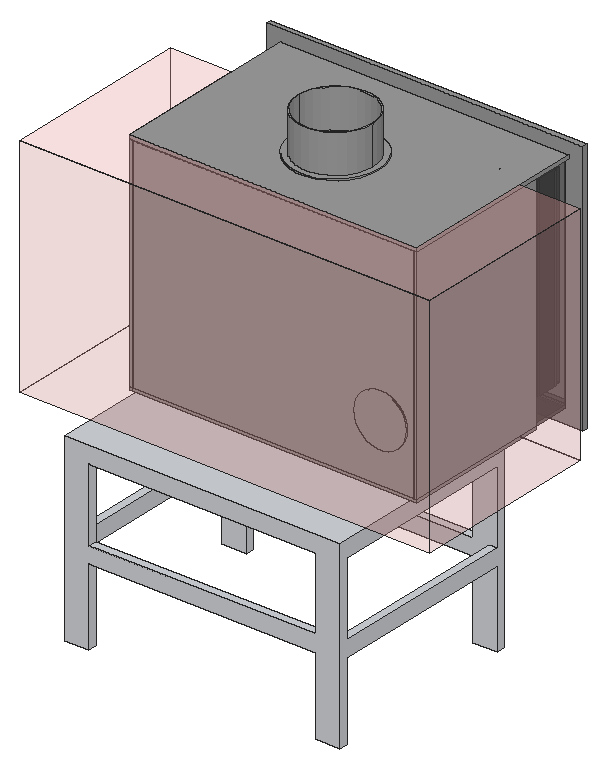
Revit family "FOGO MONTANHA-CLASSIC-E701-GLASS DOOR-R19-V00", category Mechanical Equipment, host Wall, Revit 2019
Family settings
  Host = Wall
  Round Connector Dimension = Use Diameter
  Part Type = Normal
  OmniClass Number = 23.19.17.00
  Always vertical = Yes
  Cut with Voids When Loaded = No
  Shared = No
  Room Calculation Point = No
Parameters (values of type "Glass Door-4 sided Grey Steel Frame 45mm")
  r_SmallDuct_Top = Diameter / 2  # 50 mm
  r_CentralDuct_Top = F / 2  # 90 mm
  r_Duct_back = 65 mm
  Frame Type = FOGO MONTANHA-CLASSIC-4L FRAME : E701-45mm-Grey Steel
  Door_Glass_Offset = 70 mm
  V = 211
  Support Table [instance] = yes
  Pu = 6.5
  Power = 9.3 kW
  Pn = 9.3
  P = 9.3
  Glass = Fogo Montanha-Glass
  Electrical Power = 32 W
  Electric tension = 230 V
  Efficiency at nominal power = "0.07"
  Diameter = 100 mm
  Dark Glass = Fogo Montanha-Dark Glass
  URL = "https://welcome.fogo-montanha.com/pesquisar/PA2019P024"
  Door_Position = 5 mm  # constant formula
  Door = Fogo Montanha-Dark Glass
  Offset_Door-Frame = 26.7 mm
  GlassDoor = yes
  Model = "Classic-E701"  # constant formula
  Manufacturer URL = "www.fogo-montanha.com"
  Manufacturer = "Fogo Montanha"  # constant formula
  Height from Level [instance] = 450 mm
  Version = "v00"  # constant formula
  Uniformat II Description = "Heat Generating Systems"  # constant formula
  Uniformat II Code = "D3020"  # constant formula
  Uniclass 2015 Name = "Space heaters"  # constant formula
  Uniclass 2015 Code = "TE_70_10_20_80"  # constant formula
  Uniclass 2.0 Description = "Space Heating And Cooling Products"  # constant formula
  Uniclass 2.0 Code = "PR-70-60-36-74"  # constant formula
  Uniclass 1.4 Description = "Fireplaces"  # constant formula
  Uniclass 1.4 Code = "L828"  # constant formula
  UNSPSC Description = "Space Heaters"  # constant formula
  UNSPSC Code = "40101819"  # constant formula
  Reference = "PA2019P024"
  Publication date = "08/2022"  # constant formula
  Number of Poles = 1
  NBS Reference Description = "Room Heaters"  # constant formula
  NBS Reference Code = "60-36-74"  # constant formula
  Masterformat 2014 Description = "Fireplaces and Stoves"  # constant formula
  Masterformat 2014 Code = "10 30 00"  # constant formula
  K = B + 13 mm  # 559 mm
  J = A + 17 mm  # 707 mm
  IfcExportType = "IfcSpaceHeaterType"  # constant formula
  IfcExportAs = "IfcSpaceHeater"  # constant formula
  G = 275 mm
  F = 180 mm
  Offset_Duct_Back = 90 mm
  Clearance Zone Visible [instance] = yes
  Clearance Zone = 150 mm
  Cl = 2.8
  CO2 = 9.3
  CO 13% O2 = 0.07
  Aux_Duct_Top = 120 mm
  Det_Door = if(GlassDoor, -1 mm, 15 mm)  # -1 mm
  Description = "Inseríveis a lenha com ventilação tangencial incluída de série, disponíveis em preto, cinza ou porta em vidro. Incluem porta com sistema de fecho automático, ar externo canalizável através de um kit opcional, dupla combustão e câmara estanque. Possibilidade de regulação da ventilação através de um controlador GLA que, com a inclusão de um Damper, permitirá também o controlo do ar de combustão. Kit wi-fi opcional para gestão do controlador GLA à distância através de smartphone."  # constant formula
  D = 465 mm
  Body = Fogo Montanha-Steel
  Base_Offset [instance] = if(and(Height from Level < 300 mm, Support Table), 300 mm, if(and(Height from Level > 545 mm, Support Table), 545 mm, Height from Level))  # 450 mm
  E = B  # 546 mm
  C = A  # 690 mm
  BIM Modeler URL = "www.stratbim.com"
  BIM Modeler = "StratBIM"
  B = 546 mm
  Assembly Code = "D3020"
  A = 690 mm
Types (10, lengths in mm): name | Frame Type
  Glass Door-4 sided Grey Steel Frame 45mm | FOGO MONTANHA-CLASSIC-4L FRAME : E701-45mm-Grey Steel
  Glass Door-4 sided Grey Steel Frame 20mm | FOGO MONTANHA-CLASSIC-4L FRAME : E701-20mm-Grey Steel
  Glass Door-4 sided Black Steel Frame 45mm | FOGO MONTANHA-CLASSIC-4L FRAME : E701-45mm-Black Steel
  Glass Door-4 sided Black Steel Frame 20mm | FOGO MONTANHA-CLASSIC-4L FRAME : E701-20mm-Black Steel
  Glass Door-3 sided Grey Steel Frame 45mm | FOGO MONTANHA-CLASSIC-3L FRAME : E701-45mm-Grey Steel
  Glass Door-3 sided Grey Steel Frame 20mm | FOGO MONTANHA-CLASSIC-3L FRAME : E701-20mm-Grey Steel
  Glass Door-3 sided Black Steel Frame 45mm | FOGO MONTANHA-CLASSIC-3L FRAME : E701-45mm-Black Steel
  Glass Door-3 sided Black Steel Frame 20mm | FOGO MONTANHA-CLASSIC-3L FRAME : E701-20mm-Black Steel
  Glass Door-3 sided Glass Frame 50mm | FOGO MONTANHA-CLASSIC-3L FRAME : E701-50mm-Glass
  Glass Door-4 sided Glass Frame 50mm | FOGO MONTANHA-CLASSIC-4L FRAME : E701-50mm-Glass
Reference planes
  plane 1 "Wall": y = 0
  plane 2 "Center (Left/Right)": x = 0
  plane 3 "Front": y = 75
  plane 4 "2": x = 345
  plane 5 "3": x = -345
  plane 6 "4": x = -345
  plane 7 "5": x = 345
  plane 8 "6": x = -353.5
  plane 9 "7": x = 353.5
  plane 10 "K'": z = 1009
  plane 11 "K": z = 450
  plane 12: y = -200
  plane 13: y = -390
  plane 14 "8": x = -50
  plane 15 "9": x = 50
  plane 16 "10": x = 263.5
  plane 17: z = 729.5
  plane 18 "B'": z = 1002.5
  plane 19 "B": z = 456.5
  plane 20 "E'": z = 1002.5
  plane 21 "E": z = 456.5
  plane 22 "L": z = 601
  plane 23: y = -46
  plane 24 "M": x = -233.5
  plane 25 "M'": x = 233.5
  plane 26: z = 997
  plane 27: z = 466.5
  plane 28 "S": x = -348.5
  plane 29 "T": x = 348.5
  plane 30 "U": x = 321.8
  plane 31 "V": x = -321.8
  plane 32: z = 970.3
  plane 33: z = 493.2
  plane 34: z = 628.2
  plane 35: z = 900.3
  plane 36 "W": x = 251.8
  plane 37 "X": x = -251.8
  plane 38: y = -340
  plane 39 "Y": x = 100
  plane 40 "AA": x = -100
  plane 41: y = 87
  plane 42: z = 558.2
  plane 43: z = 548.2
  plane 44 "BB": z = 1109
  plane 45 "Origin": z = 0
  plane 46: y = -25
Forms (mm)
  Extrusion 1, solid, material "Fogo Montanha-Steel" <- "Body", detail levels coarse
    sketch origin (0, 75, 0) x (1, 0, 0) y (0, 0, 1)
      loop
        line (353.5, 450) -> (353.5, 1002.5) -> (-353.5, 1002.5) -> (-353.5, 450) -> (353.5, 450)
    from 0 to 465
  Extrusion 2, solid, material "Fogo Montanha-Steel" <- "Body", detail levels medium+fine
    sketch origin (-353.5, 0, 0) x (0, 1, 0) y (0, 0, 1)
      loop
        line (-25, 456.5) -> (-25, 1002.5) -> (-200, 1002.5) -> (-390, 1002.5) -> (-390, 456.5) -> (-25, 456.5)
    from 0 to 8.5
  Extrusion 3, solid, material "Fogo Montanha-Steel" <- "Body", detail levels medium+fine
    sketch origin (353.5, 30, 0) x (0, 1, 0) y (0, 0, -1)
      loop
        line (-55, -456.5) -> (-420, -456.5) -> (-420, -1002.5) -> (-230, -1002.5) -> (-55, -1002.5) -> (-55, -456.5)
    from 0 to 8.5
  Extrusion 4, solid, material "Fogo Montanha-Steel" <- "Body", detail levels medium+fine
    sketch origin (1420, -390, 1200) x (1, 0, 0) y (0, 0, 1)
      loop
        line (-1075, -743.5) -> (-1075, -197.5) -> (-1765, -197.5) -> (-1765, -743.5) -> (-1075, -743.5)
    from 0 to -10
  Extrusion 5, solid, material "Fogo Montanha-Steel" <- "Body", detail levels medium+fine
    sketch origin (2348.699, 225, 1002.5) x (1, 0, 0) y (0, 1, 0)
      loop
        line (-2702.199, -150) -> (-2702.199, -615) -> (-1995.199, -615) -> (-1995.199, -150) -> (-2702.199, -150)
      loop
        circle (-2348.699, -425) r 90
    from 10 to 0
  Extrusion 6, solid, material "Fogo Montanha-Steel" <- "Body", detail levels medium+fine
    sketch origin (2348.699, 225, 456.5) x (1, 0, 0) y (0, 1, 0)
      loop
        line (-2702.199, -250) -> (-2702.199, -615) -> (-1995.199, -615) -> (-1995.199, -250) -> (-2702.199, -250)
    from -6.5 to 0
  Extrusion 7, solid, material "Fogo Montanha-Steel" <- "Body", detail levels medium+fine
    sketch origin (1420, -390, 1200) x (1, 0, 0) y (0, 0, 1)
      loop
        circle (-1156.5, -599) r 65
    from 0 to 1
  Sweep 8, solid, material "Fogo Montanha-Steel" <- "Body"
    path in 3D
      loop
        arc (-90, -200, 1009) -> (0, -290, 1009) -> (90, -200, 1009) r 90
        arc (90, -200, 1009) -> (0, -110, 1009) -> (-90, -200, 1009) r 90
    profile origin (0, -110, 1009) x (0, -1, 0) y (0, 0, 1)
      loop
        line (0, 3.5) -> (0, 100) -> (-2, 100) -> (-2, 6.467) -> (-17, 6.467) -> (-17, 3.5) -> (0, 3.5)
  Extrusion 9, solid, material "Fogo Montanha-Glass" <- "Glass", detail levels medium+fine
    sketch origin (0, 75, 0) x (1, 0, 0) y (0, 0, 1)
      loop
        line (251.8, 628.2) -> (251.8, 900.3) -> (-251.8, 900.3) -> (-251.8, 628.2) -> (251.8, 628.2)
    from 0 to -12
  Extrusion 10, solid, material "Fogo Montanha-Dark Glass" <- "Door", detail levels medium+fine
    sketch origin (0, 75, 0) x (1, 0, 0) y (0, 0, 1)
      loop
        line (321.8, 493.2) -> (321.8, 970.3) -> (-321.8, 970.3) -> (-321.8, 493.2) -> (321.8, 493.2)
      loop
        line (-251.8, 628.2) -> (251.8, 628.2) -> (251.8, 900.3) -> (-251.8, 900.3) -> (-251.8, 628.2)
    from 0 to -12
  Extrusion 11, solid, material "Fogo Montanha-Vermiculite", detail levels medium+fine
    sketch origin (-321.8, 0, 0) x (0, 1, 0) y (0, 0, 1)
      loop
        line (0, 493.2) -> (0, 900.3) -> (-200, 900.3) -> (-340, 729.5) -> (-340, 493.2) -> (0, 493.2)
    from 0 to 8.5
  Extrusion 12, solid, material "Fogo Montanha-Black Steel", detail levels medium+fine
    sketch origin (1420, -25, 1200) x (1, 0, 0) y (0, 0, 1)
      loop
        line (-1098.2, -229.7) -> (-1741.8, -229.7) -> (-1741.8, -706.8) -> (-1098.2, -706.8) -> (-1098.2, -229.7)
      loop
        line (-1071.5, -197.5) -> (-1768.5, -197.5) -> (-1768.5, -743.5) -> (-1071.5, -743.5) -> (-1071.5, -197.5)
    from 0 to 5
  Extrusion 13, solid, material "Fogo Montanha-Vermiculite", detail levels medium+fine
    sketch origin (321.8, 0, 0) x (0, 1, 0) y (0, 0, 1)
      loop
        line (0, 493.2) -> (0, 900.3) -> (-200, 900.3) -> (-340, 729.5) -> (-340, 493.2) -> (0, 493.2)
    from 0 to -8.5
  Extrusion 14, solid, material "Fogo Montanha-Vermiculite", detail levels medium+fine
    sketch origin (1420, -340, 1200) x (1, 0, 0) y (0, 0, 1)
      loop
        line (-1106.7, -706.8) -> (-1106.7, -470.5) -> (-1733.3, -470.5) -> (-1733.3, -706.8) -> (-1106.7, -706.8)
    from 0 to -8.5
  Extrusion 15, solid, material "Fogo Montanha-Vermiculite", detail levels medium+fine
    sketch origin (0, 0, 0) x (0, 1, 0) y (0, 0, 1)
      loop
        line (-200, 900.3) -> (-340, 729.5) -> (-329.009, 729.5) -> (-200, 886.892) -> (-200, 900.3)
    from -321.8 to 321.8
  Extrusion 16, solid, material "Fogo Montanha-Vermiculite", detail levels medium+fine
    sketch origin (2348.699, 225, 493.2) x (1, 0, 0) y (0, 1, 0)
      loop
        line (-2670.499, -225) -> (-2670.499, -565) -> (-2026.899, -565) -> (-2026.899, -225) -> (-2670.499, -225)
      loop
        line (-2248.699, -271) -> (-2448.699, -271) -> (-2448.699, -425) -> (-2248.699, -425) -> (-2248.699, -271)
    from 0 to 10
  Extrusion 17, solid, material "Fogo Montanha-Steel", detail levels medium+fine
    sketch origin (2348.699, 225, 493.2) x (1, 0, 0) y (0, 1, 0)
      loop
        line (-2248.699, -271) -> (-2448.699, -271) -> (-2448.699, -425) -> (-2248.699, -425) -> (-2248.699, -271)
      loop
        line (-2435.699, -300) -> (-2361.699, -300)
        arc (-2361.699, -300) -> (-2359.578, -299.121) -> (-2358.699, -297) r 3
        line (-2358.699, -297) -> (-2358.699, -284)
        arc (-2358.699, -284) -> (-2359.578, -281.879) -> (-2361.699, -281) r 3
        line (-2361.699, -281) -> (-2435.699, -281)
        arc (-2435.699, -281) -> (-2437.82, -281.879) -> (-2438.699, -284) r 3
        line (-2438.699, -284) -> (-2438.699, -297)
        arc (-2438.699, -297) -> (-2437.82, -299.121) -> (-2435.699, -300) r 3
      loop
        arc (-2261.699, -300) -> (-2259.578, -299.121) -> (-2258.699, -297) r 3
        line (-2258.699, -297) -> (-2258.699, -284)
        arc (-2258.699, -284) -> (-2259.578, -281.879) -> (-2261.699, -281) r 3
        line (-2261.699, -281) -> (-2335.699, -281)
        arc (-2335.699, -281) -> (-2337.82, -281.879) -> (-2338.699, -284) r 3
        line (-2338.699, -284) -> (-2338.699, -297)
        arc (-2338.699, -297) -> (-2337.82, -299.121) -> (-2335.699, -300) r 3
        line (-2335.699, -300) -> (-2261.699, -300)
      loop
        line (-2435.699, -329) -> (-2361.699, -329)
        arc (-2361.699, -329) -> (-2359.578, -328.121) -> (-2358.699, -326) r 3
        line (-2358.699, -326) -> (-2358.699, -313)
        arc (-2358.699, -313) -> (-2359.578, -310.879) -> (-2361.699, -310) r 3
        line (-2361.699, -310) -> (-2435.699, -310)
        arc (-2435.699, -310) -> (-2437.82, -310.879) -> (-2438.699, -313) r 3
        line (-2438.699, -313) -> (-2438.699, -326)
        arc (-2438.699, -326) -> (-2437.82, -328.121) -> (-2435.699, -329) r 3
      loop
        arc (-2261.699, -329) -> (-2259.578, -328.121) -> (-2258.699, -326) r 3
        line (-2258.699, -326) -> (-2258.699, -313)
        arc (-2258.699, -313) -> (-2259.578, -310.879) -> (-2261.699, -310) r 3
        line (-2261.699, -310) -> (-2335.699, -310)
        arc (-2335.699, -310) -> (-2337.82, -310.879) -> (-2338.699, -313) r 3
        line (-2338.699, -313) -> (-2338.699, -326)
        arc (-2338.699, -326) -> (-2337.82, -328.121) -> (-2335.699, -329) r 3
        line (-2335.699, -329) -> (-2261.699, -329)
      loop
        line (-2435.699, -358) -> (-2361.699, -358)
        arc (-2361.699, -358) -> (-2359.578, -357.121) -> (-2358.699, -355) r 3
        line (-2358.699, -355) -> (-2358.699, -342)
        arc (-2358.699, -342) -> (-2359.578, -339.879) -> (-2361.699, -339) r 3
        line (-2361.699, -339) -> (-2435.699, -339)
        arc (-2435.699, -339) -> (-2437.82, -339.879) -> (-2438.699, -342) r 3
        line (-2438.699, -342) -> (-2438.699, -355)
        arc (-2438.699, -355) -> (-2437.82, -357.121) -> (-2435.699, -358) r 3
      loop
        arc (-2261.699, -358) -> (-2259.578, -357.121) -> (-2258.699, -355) r 3
        line (-2258.699, -355) -> (-2258.699, -342)
        arc (-2258.699, -342) -> (-2259.578, -339.879) -> (-2261.699, -339) r 3
        line (-2261.699, -339) -> (-2335.699, -339)
        arc (-2335.699, -339) -> (-2337.82, -339.879) -> (-2338.699, -342) r 3
        line (-2338.699, -342) -> (-2338.699, -355)
        arc (-2338.699, -355) -> (-2337.82, -357.121) -> (-2335.699, -358) r 3
        line (-2335.699, -358) -> (-2261.699, -358)
      loop
        line (-2435.699, -387) -> (-2361.699, -387)
        arc (-2361.699, -387) -> (-2359.578, -386.121) -> (-2358.699, -384) r 3
        line (-2358.699, -384) -> (-2358.699, -371)
        arc (-2358.699, -371) -> (-2359.578, -368.879) -> (-2361.699, -368) r 3
        line (-2361.699, -368) -> (-2435.699, -368)
        arc (-2435.699, -368) -> (-2437.82, -368.879) -> (-2438.699, -371) r 3
        line (-2438.699, -371) -> (-2438.699, -384)
        arc (-2438.699, -384) -> (-2437.82, -386.121) -> (-2435.699, -387) r 3
      loop
        arc (-2261.699, -387) -> (-2259.578, -386.121) -> (-2258.699, -384) r 3
        line (-2258.699, -384) -> (-2258.699, -371)
        arc (-2258.699, -371) -> (-2259.578, -368.879) -> (-2261.699, -368) r 3
        line (-2261.699, -368) -> (-2335.699, -368)
        arc (-2335.699, -368) -> (-2337.82, -368.879) -> (-2338.699, -371) r 3
        line (-2338.699, -371) -> (-2338.699, -384)
        arc (-2338.699, -384) -> (-2337.82, -386.121) -> (-2335.699, -387) r 3
        line (-2335.699, -387) -> (-2261.699, -387)
      loop
        line (-2435.699, -416) -> (-2361.699, -416)
        arc (-2361.699, -416) -> (-2359.578, -415.121) -> (-2358.699, -413) r 3
        line (-2358.699, -413) -> (-2358.699, -400)
        arc (-2358.699, -400) -> (-2359.578, -397.879) -> (-2361.699, -397) r 3
        line (-2361.699, -397) -> (-2435.699, -397)
        arc (-2435.699, -397) -> (-2437.82, -397.879) -> (-2438.699, -400) r 3
        line (-2438.699, -400) -> (-2438.699, -413)
        arc (-2438.699, -413) -> (-2437.82, -415.121) -> (-2435.699, -416) r 3
      loop
        arc (-2261.699, -416) -> (-2259.578, -415.121) -> (-2258.699, -413) r 3
        line (-2258.699, -413) -> (-2258.699, -400)
        arc (-2258.699, -400) -> (-2259.578, -397.879) -> (-2261.699, -397) r 3
        line (-2261.699, -397) -> (-2335.699, -397)
        arc (-2335.699, -397) -> (-2337.82, -397.879) -> (-2338.699, -400) r 3
        line (-2338.699, -400) -> (-2338.699, -413)
        arc (-2338.699, -413) -> (-2337.82, -415.121) -> (-2335.699, -416) r 3
        line (-2335.699, -416) -> (-2261.699, -416)
    from 0 to 10
  Extrusion 18, void
    sketch origin (0, 87, 0) x (1, 0, 0) y (0, 0, 1)
      loop
        line (321.8, 548.2) -> (321.8, 558.2) -> (-321.8, 558.2) -> (-321.8, 548.2) -> (321.8, 548.2)
    from 0 to -1 <- "Det_Door"
  Extrusion 19, solid, material "Fogo Montanha-Black Steel", detail levels medium+fine
    sketch origin (0, 75, 0) x (1, 0, 0) y (0, 0, 1)
      loop
        line (321.8, 493.2) -> (321.8, 970.3) -> (-321.8, 970.3) -> (-321.8, 493.2) -> (321.8, 493.2)
      loop
        line (319.8, 968.3) -> (-319.8, 968.3) -> (-319.8, 495.2) -> (319.8, 495.2) -> (319.8, 968.3)
    from 0 to 100
  Extrusion 20, solid, material "Fogo Montanha-Dark Glass", detail levels medium+fine
    sketch origin (0, 75, 0) x (1, 0, 0) y (0, 0, 1)
      loop
        line (347, 450) -> (347, 1004.5) -> (-347, 1004.5) -> (-347, 450) -> (347, 450)
      loop
        line (345, 456.5) -> (345, 1002.5) -> (-345, 1002.5) -> (-345, 456.5) -> (345, 456.5)
    from 0 to 100
  Extrusion 21, solid
    sketch origin (2348.699, 225, 1009) x (1, 0, 0) y (0, 1, 0)
      loop
        circle (-2115.199, -271) r 50
    from 0 to 1
  Extrusion 22, solid
    sketch origin (2348.699, 225, 1009) x (1, 0, 0) y (0, 1, 0)
      loop
        circle (-2582.199, -271) r 50
    from 0 to 1
  Extrusion 23, solid, material "Fogo Montanha-Steel" <- "Body", visible <- "GlassDoor", detail levels medium+fine
    sketch origin (0, 75, 0) x (1, 0, 0) y (0, 0, 1)
      loop
        line (321.8, 493.2) -> (321.8, 970.3) -> (-321.8, 970.3) -> (-321.8, 493.2) -> (321.8, 493.2)
      loop
        line (-251.8, 628.2) -> (251.8, 628.2) -> (251.8, 900.3) -> (-251.8, 900.3) -> (-251.8, 628.2)
    from 0 to 2
  Extrusion 24, solid, visible <- "Clearance Zone Visible"
    sketch origin (2348.699, 175, 0) x (1, 0, 0) y (0, 1, 0)
      loop
        line (-2852.199, -250) -> (-2852.199, -715) -> (-1845.199, -715) -> (-1845.199, -250) -> (-1995.199, -250) -> (-1995.199, -565) -> (-2702.199, -565) -> (-2702.199, -250) -> (-2852.199, -250)
    from 456.5 to 1012.5
  Extrusion 25, solid, material "Fogo Montanha-Black Steel", detail levels medium+fine
    sketch origin (0, 0, 0) x (1, 0, 0) y (0, 0, 1)
      loop
        line (321.8, 493.2) -> (321.8, 970.3) -> (-321.8, 970.3) -> (-321.8, 493.2) -> (321.8, 493.2)
      loop
        line (-251.8, 628.2) -> (251.8, 628.2) -> (251.8, 900.3) -> (-251.8, 900.3) -> (-251.8, 628.2)
    from -20 to -22
  Extrusion 26, solid, material "Fogo Montanha-Black Steel", detail levels medium+fine
    sketch origin (0, 75, 0) x (1, 0, 0) y (0, 0, 1)
      loop
        line (319.8, 601) -> (-319.8, 601) -> (-319.8, 599) -> (319.8, 599) -> (319.8, 601)
    from 2 to 53
  Extrusion 27, solid, material "Fogo Montanha-Steel" <- "Body"
    sketch origin (0, 50, 0) x (0, 1, 0) y (0, 0, 1)
      loop
        line (-96.937, 920.503) -> (-96.937, 935.3) -> (-300, 935.3) -> (-300, 909.847) -> (-250, 909.847) -> (-229.317, 897.906) -> (-101.741, 897.906) -> (-96.937, 920.503)
    from -150 to 150
Cuts and joins
  Extrusion 18 cuts Extrusion 10
  Extrusion 18 cuts Extrusion 12
  Extrusion 18 cuts Extrusion 11
  Extrusion 18 cuts Extrusion 13
  joined: Extrusion 11, Extrusion 13, Extrusion 14, Extrusion 15, Extrusion 16
Lines and regions (mm)
  Opening 1
    outline origin (-5000, -75, 0) x (1, 0, 0) y (0, 0, 1)
      loop
        line (4646.5, 450) -> (5353.5, 450) -> (5353.5, 1009) -> (4646.5, 1009) -> (4646.5, 450)
  reference lines
    curve 1: circle (0, -200, 1009) r 90 normal (0, 0, 1)
    curve 2: circle (263.5, 75, 601) r 65 normal (0, -1, 0)
    curve 4: circle (-233.5, -46, 1002.5) r 50 normal (0, 0, 1)
    curve 5: circle (233.5, -46, 1002.5) r 50 normal (0, 0, 1)
  sketch lines
    curve 3: circle (0, -200, 1009) r 90 normal (0, 0, 1)
Text (mm)
  text "Placement side" at (-1304.494, 278.82, 0), in view "Ref. Level"
  text "Placement side" at (0, 1334.055, 2976.191), in view "Left"
  text "Placement side" at (0, 439.194, 2944.362), in view "Right"
Dimensions and locks
  locked: plane 3 "Front" to host wall at 0
  "C": plane 4 "2" to plane 5 "3"
  equal spacing: plane 4 "2", plane 2 "Center (Left/Right)", plane 5 "3"
  equal spacing: plane 7 "5", plane 2 "Center (Left/Right)", plane 6 "4"
  "A": plane 7 "5" to plane 6 "4"
  equal spacing: plane 9 "7", plane 2 "Center (Left/Right)", plane 8 "6"
  "J": plane 8 "6" to plane 9 "7"
  "K": plane 11 "K" to plane 10 "K'"
  "Base_Offset": level to plane 11 "K"
  equal spacing: plane 14 "8", plane 2 "Center (Left/Right)", plane 15 "9"
  plane 14 "8" to plane 15 "9" = 100 mm
  equal spacing: plane 11 "K", plane 17, plane 10 "K'"
  equal spacing: plane 19 "B", plane 17, plane 18 "B'"
  "B": plane 19 "B" to plane 18 "B'"
  equal spacing: plane 21 "E", plane 17, plane 20 "E'"
  "E": plane 21 "E" to plane 20 "E'"
  "Offset_Duct_Back": plane 9 "7" to plane 16 "10"
  plane 11 "K" to plane 22 "L" = 151 mm
  "Aux_Duct_Top": plane 8 "6" to plane 24 "M"
  "Aux_Duct_Top": plane 25 "M'" to plane 9 "7"
  "Offset_Door-Frame": plane 32 to plane 26
  "Offset_Door-Frame": plane 27 to plane 33
  "Offset_Door-Frame": plane 29 "T" to plane 30 "U"
  "Offset_Door-Frame": plane 31 "V" to plane 28 "S"
  "Door_Glass_Offset": plane 35 to plane 32
  "Door_Glass_Offset": plane 30 "U" to plane 36 "W"
  "Door_Glass_Offset": plane 37 "X" to plane 31 "V"
  locked: plane 13 to plane 38 at 50
  locked: plane 3 "Front" to plane 41 at 12
  "Door_Glass_Offset": plane 42 to plane 34
  locked: plane 43 to plane 42 at 10
  Extrusion 17 sketch curve to Extrusion 17 sketch curve to Extrusion 17 sketch curve to Extrusion 17 sketch curve to Extrusion 17 sketch curve to Extrusion 17 sketch curve = 10 mm locked, 80 mm locked, 20 mm locked, 80 mm locked, 10 mm locked
  Extrusion 17 sketch curve to Extrusion 17 sketch curve to Extrusion 17 sketch curve to Extrusion 17 sketch curve to Extrusion 17 sketch curve to Extrusion 17 sketch curve to Extrusion 17 sketch curve to Extrusion 17 sketch curve to Extrusion 17 sketch curve to Extrusion 17 sketch curve to Extrusion 17 sketch curve to Extrusion 17 sketch curve = 10 mm locked, 19 mm locked, 10 mm locked, 19 mm locked, 10 mm locked, 19 mm locked, 10 mm locked, 19 mm locked, 10 mm locked, 19 mm locked, 9 mm locked
  "Door_Position": plane 9 "7" to plane 29 "T"
  "Door_Position": plane 28 "S" to plane 8 "6"
  locked: plane 46 to plane 3 "Front" at 100
  locked: cut or joined group of Extrusion 10, Extrusion 18 to Extrusion 19 sketch curve at 2
  locked: plane 26 to plane 20 "E'" at 5.5
  locked: plane 33 to plane 43 at 55
  locked: plane 21 "E" to plane 27 at 10
  "Clearance Zone": Extrusion 24 sketch curve to Extrusion 24 sketch curve  (x3)
  Extrusion 26 sketch curve to plane 22 "L" = 2 mm
  cut or joined group of Extrusion 10, Extrusion 18 to Extrusion 26 sketch curve = 2 mm
  Extrusion 26 sketch curve to plane 31 "V" = 2 mm
  locked: plane 10 "K'" to plane 44 "BB" at 100
  locked: plane 23 to plane 46 at 21
  locked: plane 12 to plane 23 at 154
  locked: plane 38 to plane 12 at 140
  locked: Extrusion 27 sketch curve to Extrusion 27 sketch curve at 127.577
  locked: plane 46 to plane 1 "Wall" at 25
  "r_CentralDuct_Top": radius of curve 1
  "r_Duct_back": radius of curve 2
  "r_SmallDuct_Top": radius of curve 5
  "r_SmallDuct_Top": radius of curve 4
  aligned and locked: plane 8 "6" to Opening 1 sketch curve
  aligned and locked: Opening 1 sketch curve to plane 9 "7"
  aligned and locked: plane 10 "K'" to Opening 1 sketch curve
  aligned and locked: plane 11 "K" to Opening 1 sketch curve
  aligned and locked: plane 8 "6" to Extrusion 1 sketch curve
  aligned and locked: Extrusion 1 sketch curve to plane 9 "7"
  aligned and locked: plane 18 "B'" to Extrusion 1 sketch curve
  aligned and locked: plane 13 to Extrusion 1
  aligned and locked: plane 19 "B" to Extrusion 2 sketch curve
  aligned and locked: plane 18 "B'" to Extrusion 2 sketch curve
  aligned and locked: plane 13 to Extrusion 2 sketch curve
  aligned and locked: Extrusion 3 sketch curve to plane 18 "B'"
  aligned and locked: Extrusion 3 sketch curve to plane 13
  aligned and locked: Extrusion 3 sketch curve to plane 19 "B"
  aligned and locked: plane 4 "2" to Extrusion 4 sketch curve
  aligned and locked: plane 5 "3" to Extrusion 4 sketch curve
  aligned and locked: plane 21 "E" to Extrusion 4 sketch curve
  aligned and locked: plane 20 "E'" to Extrusion 4 sketch curve
  aligned and locked: plane 5 "3" to Extrusion 2
  aligned and locked: Extrusion 3 to plane 4 "2"
  aligned and locked: Extrusion 5 sketch curve to plane 8 "6"
  aligned and locked: plane 9 "7" to Extrusion 5 sketch curve
  aligned and locked: Extrusion 5 sketch curve to plane 13
  aligned and locked: Extrusion 5 sketch curve to curve 1
  aligned and locked: plane 9 "7" to Extrusion 6 sketch curve
  aligned and locked: Extrusion 6 sketch curve to plane 8 "6"
  aligned and locked: Extrusion 6 sketch curve to plane 13
  aligned and locked: Extrusion 7 sketch curve to curve 2
  aligned and locked: plane 24 "M" to curve 4
  aligned and locked: plane 23 to curve 4
  aligned and locked: plane 23 to curve 5
  aligned and locked: plane 25 "M'" to curve 5
  aligned and locked: plane 34 to Extrusion 9 sketch curve
  aligned and locked: Extrusion 9 sketch curve to plane 36 "W"
  aligned and locked: Extrusion 9 sketch curve to plane 35
  aligned and locked: plane 37 "X" to Extrusion 9 sketch curve
  aligned and locked: plane 33 to Extrusion 10 sketch curve
  aligned and locked: Extrusion 10 sketch curve to plane 30 "U"
  aligned and locked: Extrusion 10 sketch curve to plane 32
  aligned and locked: plane 31 "V" to Extrusion 10 sketch curve
  aligned and locked: Extrusion 10 sketch curve to Extrusion 9  (x4)
  aligned and locked: Extrusion 11 to plane 33
  aligned and locked: plane 32 to Extrusion 12 sketch curve
  aligned and locked: plane 33 to Extrusion 12 sketch curve
  aligned and locked: plane 30 "U" to Extrusion 12 sketch curve
  aligned and locked: plane 31 "V" to Extrusion 12 sketch curve
  aligned and locked: plane 28 "S" to Extrusion 12 sketch curve
  aligned and locked: Extrusion 12 sketch curve to plane 29 "T"
  aligned and locked: plane 35 to Extrusion 11 sketch curve
  aligned and locked: plane 12 to Extrusion 11 sketch curve
  aligned and locked: Extrusion 14 to Extrusion 11
  aligned and locked: Extrusion 14 to Extrusion 13
  aligned and locked: Extrusion 13 sketch curve to Extrusion 14
  aligned and locked: Extrusion 11 sketch curve to plane 38
  aligned and locked: plane 17 to Extrusion 14
  aligned and locked: plane 17 to Extrusion 11 sketch curve
  aligned and locked: plane 17 to Extrusion 13 sketch curve
  aligned and locked: Extrusion 15 sketch curve to Extrusion 11
  aligned and locked: plane 17 to Extrusion 15 sketch curve
  aligned and locked: plane 12 to Extrusion 15 sketch curve
  aligned and locked: plane 30 "U" to Extrusion 15
  aligned and locked: Extrusion 15 to plane 31 "V"
  aligned and locked: Extrusion 11 to Extrusion 14
  aligned and locked: Extrusion 16 sketch curve to plane 31 "V"
  aligned and locked: Extrusion 16 sketch curve to plane 38
  aligned and locked: Extrusion 16 sketch curve to plane 30 "U"
  aligned and locked: plane 12 to Extrusion 16 sketch curve
  aligned and locked: Extrusion 16 sketch curve to plane 23
  aligned and locked: Extrusion 16 sketch curve to plane 40 "AA"
  aligned and locked: plane 39 "Y" to Extrusion 16 sketch curve
  aligned and locked: Extrusion 17 sketch curve to plane 39 "Y"
  aligned and locked: Extrusion 17 sketch curve to plane 23
  aligned and locked: Extrusion 17 to plane 33
  aligned and locked: Extrusion 16 to Extrusion 17
  aligned and locked: Extrusion 18 to plane 43
  aligned and locked: plane 42 to Extrusion 18
  aligned and locked: plane 30 "U" to Extrusion 18
  aligned and locked: Extrusion 18 to plane 31 "V"
  aligned and locked: Extrusion 17 sketch curve to Extrusion 17 sketch curve  (x26)
  aligned and locked: nested 1 to plane 2 "Center (Left/Right)"
  aligned and locked: plane 44 "BB" to Sweep 8 sketch curve
  aligned and locked: Extrusion 5 to Sweep 8 sketch curve
  aligned and locked: level to plane 45 "Origin"
  aligned and locked: Extrusion 13 sketch curve to plane 1 "Wall"
  aligned and locked: plane 46 to Extrusion 3 sketch curve
  aligned and locked: Extrusion 2 sketch curve to plane 46
  aligned and locked: Extrusion 9 to plane 41
  aligned and locked: plane 30 "U" to Extrusion 19 sketch curve
  aligned and locked: plane 32 to Extrusion 19 sketch curve
  aligned and locked: plane 31 "V" to Extrusion 19 sketch curve
  aligned and locked: plane 46 to Extrusion 19
  aligned and locked: Extrusion 20 sketch curve to plane 7 "5"
  aligned and locked: Extrusion 20 sketch curve to plane 20 "E'"
  aligned and locked: plane 6 "4" to Extrusion 20 sketch curve
  aligned and locked: plane 18 "B'" to Extrusion 12 sketch curve
  aligned and locked: Extrusion 21 sketch curve to curve 5
  aligned and locked: Extrusion 22 sketch curve to curve 4
  aligned and locked: Extrusion 6 to plane 11 "K"
  aligned and locked: nested 1 to plane 17
  aligned and locked: plane 11 "K" to Extrusion 20 sketch curve
  aligned and locked: Extrusion 24 sketch curve to host wall
  aligned and locked: host wall to Extrusion 24 sketch curve
  aligned and locked: plane 13 to Extrusion 24 sketch curve
  aligned and locked: Extrusion 24 to Extrusion 5
  aligned and locked: Extrusion 24 to plane 21 "E"
  aligned and locked: Extrusion 24 sketch curve to plane 8 "6"
  aligned and locked: plane 9 "7" to Extrusion 24 sketch curve
  aligned and locked: Extrusion 16 sketch curve to plane 1 "Wall"
  aligned and locked: Extrusion 26 to Extrusion 25
  aligned and locked: Extrusion 26 to Extrusion 23
  aligned and locked: Extrusion 1 sketch curve to plane 11 "K"
  aligned and locked: plane 19 "B" to Extrusion 20 sketch curve
  aligned and locked: Extrusion 6 sketch curve to Extrusion 3
  aligned and locked: Extrusion 12 sketch curve to plane 21 "E"
  aligned and locked: Extrusion 11 to plane 1 "Wall"
  aligned and locked: nested 2 to plane 2 "Center (Left/Right)"
  aligned and locked: nested 2 to host wall
Automatic sketch dimensions
  Extrusion 17 sketch curve to Extrusion 17 sketch curve = 3 mm  (x40)
  Sweep 8 sketch curve to profile plane = 0 mm
  profile plane to Sweep 8 sketch curve = 2 mm
  Sweep 8 sketch curve to Sweep 8 sketch curve = 15 mm
  Sweep 8 sketch curve to Sweep 8 sketch curve = 2.967 mm
  Extrusion 3 sketch curve to plane 12 = 0 mm
  Extrusion 2 sketch curve to plane 12 = 0 mm
  Extrusion 5 sketch curve to host wall = 0 mm
  Extrusion 11 sketch curve to plane 33 = 0 mm
  Extrusion 13 sketch curve to plane 12 = 0 mm
  Extrusion 13 sketch curve to plane 33 = 0 mm
  Extrusion 13 sketch curve to plane 35 = 0 mm
  Extrusion 14 sketch curve to plane 33 = 0 mm
  Extrusion 14 sketch curve to plane 17 = 0 mm
  plane 31 "V" to Extrusion 14 sketch curve = 8.5 mm
  Extrusion 14 sketch curve to plane 30 "U" = 8.5 mm
  Extrusion 15 sketch curve to plane 38 = 10.991 mm
  Extrusion 15 sketch curve to Extrusion 15 sketch curve = 13.408 mm
  Extrusion 18 sketch curve to Extrusion 10 = 0 mm
  Extrusion 10 to Extrusion 18 sketch curve = 0 mm
  Extrusion 10 to Extrusion 18 sketch curve = 55 mm
  Extrusion 18 sketch curve to Extrusion 18 sketch curve = 10 mm
  Extrusion 19 sketch curve to plane 33 = 0 mm
  plane 31 "V" to Extrusion 19 sketch curve = 2 mm
  Extrusion 19 sketch curve to plane 30 "U" = 2 mm
  Extrusion 19 sketch curve to plane 32 = 2 mm
  Extrusion 23 sketch curve to plane 31 "V" = 0 mm
  Extrusion 23 sketch curve to plane 35 = 0 mm
  Extrusion 23 sketch curve to plane 37 "X" = 0 mm
  Extrusion 23 sketch curve to plane 34 = 0 mm
  Extrusion 23 sketch curve to plane 36 "W" = 0 mm
  Extrusion 23 sketch curve to plane 30 "U" = 0 mm
  Extrusion 23 sketch curve to plane 33 = 0 mm
  Extrusion 23 sketch curve to plane 32 = 0 mm
  Extrusion 25 sketch curve to plane 31 "V" = 0 mm
  Extrusion 25 sketch curve to plane 35 = 0 mm
  Extrusion 25 sketch curve to plane 37 "X" = 0 mm
  Extrusion 25 sketch curve to plane 34 = 0 mm
  Extrusion 25 sketch curve to plane 36 "W" = 0 mm
  Extrusion 25 sketch curve to plane 30 "U" = 0 mm
  Extrusion 25 sketch curve to plane 33 = 0 mm
  Extrusion 25 sketch curve to plane 32 = 0 mm
  Extrusion 26 sketch curve to plane 22 "L" = 0 mm
  plane 28 "S" to Extrusion 20 sketch curve = 1.5 mm
  Extrusion 20 sketch curve to plane 29 "T" = 1.5 mm
  plane 18 "B'" to Extrusion 20 sketch curve = 2 mm
  host wall to Extrusion 11 sketch curve = 0 mm
  Extrusion 27 sketch curve to plane 12 = 0 mm
  plane 35 to Extrusion 27 sketch curve = 9.547 mm
  plane 12 to Extrusion 27 sketch curve = 50 mm
  Extrusion 27 sketch curve to plane 35 = 2.394 mm
  Extrusion 27 sketch curve to plane 12 = 20.683 mm
  plane 23 to Extrusion 27 sketch curve = 0.937 mm
  plane 35 to Extrusion 27 sketch curve = 20.203 mm
  Extrusion 27 sketch curve to Extrusion 27 sketch curve = 14.797 mm
  curve 2 to plane 16 "10" = 0 mm
  curve 2 to plane 22 "L" = 0 mm
  curve 4 to plane 24 "M" = 0 mm
  curve 1 to plane 2 "Center (Left/Right)" = 0 mm
  plane 12 to curve 1 = 0 mm
Nested families
  nested 1: "FOGO MONTANHA-CLASSIC-4L FRAME" at (0, 75, 729.5) x (-1, 0, 0) z (0, 1, 0), type <- "Frame Type", type "E701-45mm-Grey Steel"
    with Width 45 mm, A 687 mm
  nested 2: "FOGO MONTANHA-SUPPORT TABLE-R19-V00" at (0, -75, 0) x (-1, 0, 0) z (0, 0, 1), visible <- "Support Table", H <- "Base_Offset", type "PA1090G049"
    with H 450 mm
Connectors
  hvac at (0, -200, 1109), driven by "F"
    settings: on Sweep 8, index 1, duct flow 0.0 L/s, flow factor 0, pres drop 0.0 Pa, loss coef 0, conn angle 0.00°, conn width 304.8 mm, conn height 304.8 mm, conn diameter 180 mm, duct sys type 3, conn prof type 0, flow config 0, flow direction 2, loss method 0, conn ref index -1, conn util no, is conn primary yes, conn desc ""
  electrical at (-353.5, -206, 784.1), driven by "Number of Poles", driven by "Electric tension", driven by "Electrical Power"
    settings: on Extrusion 2, index 3, voltage 230 V, apparent load 32 VA, apparent load phase1 0 VA, apparent load phase2 0 VA, apparent load phase3 0 VA, power factor 1, load classification "Other", number of poles 1, system type 30, power factor state 1, is connector primary yes, connector utility no, sub classification motor no, connector description ""
  hvac at (263.5, -390, 601), driven by "Diameter"
    settings: on Extrusion 7, index 4, duct flow 0.0 L/s, flow factor 0, pres drop 0.0 Pa, loss coef 0, conn angle 0.00°, conn width 304.8 mm, conn height 304.8 mm, conn diameter 100 mm, duct sys type 1, conn prof type 0, flow config 0, flow direction 1, loss method 0, conn ref index -1, conn util no, is conn primary no, conn desc ""
  hvac at (-233.5, -46, 1010), driven by "Diameter"
    settings: on Extrusion 22, index 5, duct flow 0.0 L/s, flow factor 0, pres drop 0.0 Pa, loss coef 0, conn angle 0.00°, conn width 304.8 mm, conn height 304.8 mm, conn diameter 100 mm, duct sys type 3, conn prof type 0, flow config 0, flow direction 2, loss method 0, conn ref index -1, conn util no, is conn primary no, conn desc ""
  hvac at (233.5, -46, 1010), driven by "Diameter"
    settings: on Extrusion 21, index 6, duct flow 0.0 L/s, flow factor 0, pres drop 0.0 Pa, loss coef 0, conn angle 0.00°, conn width 304.8 mm, conn height 304.8 mm, conn diameter 100 mm, duct sys type 3, conn prof type 0, flow config 0, flow direction 2, loss method 0, conn ref index -1, conn util no, is conn primary no, conn desc ""
Definition of nested family "FOGO MONTANHA-CLASSIC-4L FRAME"
  Parameters (values of type "E601-20mm-Black")
    Width = 20 mm
    Uniformat II Description = "Other HVAC Systems & Equipment"
    Uniformat II Code = "D3090"
    Uniclass 2015 Name = "Fireplace hearths"
    Uniclass 2015 Code = "PR_70_60_82_30"
    Uniclass 1.4 Description = "Fireplace Specialties"
    Uniclass 1.4 Code = "10 32 00"
    URL = "https://www.fogo-montanha.com/pt"
    UNSPSC Code = "40101819"
    Thickness = 12 mm
    Reference = "MO2070P108"
    Model = "4 Sided"  # constant formula
    Manufacturer = "Fogo Montanha"  # constant formula
    Frame Material = none
    Default Elevation = 0 mm  # constant formula
    B = 536 mm  # constant formula
    A = 587 mm
  Types (20, lengths in mm): name | Width | Reference | A
    E601-20mm-Black | 20 | "MO2070P108" | 587
    E601-45mm-Black | 45 | "MO2070P106" | 587
    E701-20mm-Black | 20 | "MO2070P112" | 687
    E601-50mm-Glass | 50 | "MO2070V002" | 587
    E701-45mm-Black | 45 | "MO2070P110" | 687
    E701-50mm-Glass | 50 | "MO2070V004" | 687
    E801-20mm-Black | 20 | "MO2070P116" | 787
    E801-45mm-Black | 45 | "MO2070P114" | 787
    E801-50mm-Glass | 50 | "MO2070V006" | 787
    E901-20mm-Black | 20 | "MO2070P120" | 887
    E901-45mm-Black | 45 | "MO2070P118" | 887
    E901-50mm-Glass | 50 | "MO2070V008" | 887
    E601-45mm-Grey | 45 | "MO2070G106" | 587
    E701-45mm-Grey | 45 | "MO2070G110" | 687
    E801-45mm-Grey | 45 | "MO2070G114" | 787
    E901-45mm-Grey | 45 | "MO2070G118" | 887
    E601-20mm-Grey | 20 | "MO2070G108" | 587
    E701-20mm-Grey | 20 | "MO2070G112" | 687
    E801-20mm-Grey | 20 | "MO2070G116" | 787
    E901-20mm-Grey | 20 | "MO2070G120" | 887
  Reference planes
    plane 1 "Center (Front/Back)": y = 0
    plane 2: z = 0
    plane 3 "Center (Left/Right)": x = 0
    plane 4: x = -293.5
    plane 5: x = 293.5
    plane 6: y = 268
    plane 7: y = -268
    plane 8: x = -313.5
    plane 9: z = 12
  Forms (mm)
    Extrusion 1, solid
      sketch origin (0, 0, 0) x (1, 0, 0) y (0, 1, 0)
        loop
          line (-1219.2, 1219.2) -> (-1219.2, -1219.2) -> (1219.2, -1219.2) -> (1219.2, 1219.2) -> (-1219.2, 1219.2)
      from 0 to -304.8
    Sweep 2, solid, material <- "Frame Material"
      path origin (0, 0, 0) x (1, 0, 0) y (0, 1, 0)
        loop
          line (-293.5, -268) -> (293.5, -268) -> (293.5, 268) -> (-293.5, 268) -> (-293.5, -268)
      profile origin (-293.5, 0, 0) x (1, 0, 0) y (0, 0, 1)
        loop
          line (-20, 12) -> (-20, 0) -> (0, 0) -> (0, 12) -> (-20, 12)
  Dimensions and locks
    equal spacing: plane 6, plane 1 "Center (Front/Back)", plane 7
    "B": plane 6 to plane 7
    equal spacing: plane 4, plane 3 "Center (Left/Right)", plane 5
    "A": plane 4 to plane 5
    "Thickness": plane 9 to plane 2
    "Width": plane 4 to plane 8
    aligned and locked: plane 2 to Extrusion 1
    aligned and locked: level to Extrusion 1
    aligned and locked: plane 7 to Sweep 2 sketch curve
    aligned and locked: Sweep 2 sketch curve to plane 4  (x2)
    aligned and locked: plane 6 to Sweep 2 sketch curve
    aligned and locked: Sweep 2 sketch curve to plane 5
    aligned and locked: Sweep 2 sketch curve to plane 9
    aligned and locked: Sweep 2 sketch curve to plane 8
    aligned and locked: Sweep 2 sketch curve to plane 2
  Automatic sketch dimensions
    Extrusion 1 sketch curve to Extrusion 1 sketch curve = 2438.4 mm  (x2)
Definition of nested family "FOGO MONTANHA-SUPPORT TABLE-R19-V00"
  Parameters (values of type "PA1090G049")
    URL = "https://fogo-montanha.com"
    Reference = "PA1090G049"
    P = 533 mm
    Model = "Support Table"  # constant formula
    Manufacturer = "Fogo Montanha"  # constant formula
    L = 677 mm
    H [instance] = 420 mm
    Description = "Mesa de suporte PA1090G049 compatível com os modelos Classic E601,Classic E701, Design E709, Design E609 e Design E609H."
  Types (4, lengths in mm): name | Reference | P | L | H | Description
    (no name) | "PA1090G049" | 533 | 677 | 420 | "Mesa de suporte PA1090G049 compatível com os modelos Classic E601,Classic E701, Design E709, Design E609 e Design E609H."
    PA1090G027 | "PA1090G027" | 470 | 677 | 300 | "Mesa de suporte PA1090G027 compatível com os modelos SQUARE D e SQUARE V."
    PA1090G049 | "PA1090G049" | 533 | 677 | 420 | "Mesa de suporte PA1090G049 compatível com os modelos Classic E601,Classic E701, Design E709, Design E609 e Design E609H."
    PA1090G051 | "PA1090G051" | 533 | 877 | 504 | "Mesa de suporte PA1090G051 compatível com os modelos Classic E901, Classic E801, Design E909 e Design E809."
  Reference planes
    plane 1 "Center (Front/Back)": y = 0
    plane 2: z = 0
    plane 3 "Center (Left/Right)": x = 0
    plane 4: x = -338.5
    plane 5: x = -318.5
    plane 6: x = -278.5
    plane 7: x = 278.5
    plane 8: x = 318.5
    plane 9: x = 338.5
    plane 10: y = 533
    plane 11: y = 513
    plane 12: y = 50
    plane 13: y = 30
    plane 14: z = 420
    plane 15: z = 380
    plane 16: z = 200
    plane 17: z = 160
  Forms (mm)
    Extrusion 1, solid
      sketch origin (0, 0, 0) x (1, 0, 0) y (0, 1, 0)
        loop
          line (-338.5, 533) -> (-338.5, 513) -> (-278.5, 513) -> (-278.5, 533) -> (-338.5, 533)
        loop
          line (-338.5, 30) -> (-278.5, 30) -> (-278.5, 50) -> (-338.5, 50) -> (-338.5, 30)
        loop
          line (278.5, 50) -> (278.5, 30) -> (338.5, 30) -> (338.5, 50) -> (278.5, 50)
        loop
          line (278.5, 533) -> (278.5, 513) -> (338.5, 513) -> (338.5, 533) -> (278.5, 533)
      from 0 to 380
    Extrusion 2, solid
      sketch origin (0, 0, 0) x (1, 0, 0) y (0, 1, 0)
        loop
          line (-338.5, 533) -> (-338.5, 30) -> (-278.5, 30) -> (-278.5, 0) -> (278.5, 0) -> (278.5, 30) -> (338.5, 30) -> (338.5, 533) -> (-338.5, 533)
      from 380 to 420
    Extrusion 3, solid
      sketch origin (0, 0, 0) x (1, 0, 0) y (0, 1, 0)
        loop
          line (338.5, 533) -> (-338.5, 533) -> (-338.5, 30) -> (338.5, 30) -> (338.5, 533)
        loop
          line (318.5, 513) -> (-318.5, 513) -> (-318.5, 50) -> (318.5, 50) -> (318.5, 513)
      from 160 to 200
  Cuts and joins
    joined: Extrusion 1, Extrusion 2, Extrusion 3
  Dimensions and locks
    locked: plane 4 to plane 5 at 20
    locked: plane 4 to plane 6 at 60
    locked: plane 7 to plane 9 at 60
    equal spacing: plane 4, plane 3 "Center (Left/Right)", plane 9
    "L": plane 4 to plane 9
    locked: plane 10 to plane 11 at 20
    locked: plane 12 to plane 13 at 20
    locked: plane 13 to plane 1 "Center (Front/Back)" at 30
    "P": plane 1 "Center (Front/Back)" to plane 10
    locked: plane 14 to plane 15 at 40
    locked: plane 15 to plane 16 at 180
    locked: plane 16 to plane 17 at 40
    "H": plane 14 to level
    locked: plane 8 to plane 9 at 20
    aligned and locked: level to plane 2
    aligned and locked: Extrusion 1 sketch curve to plane 10  (x2)
    aligned and locked: Extrusion 1 sketch curve to plane 11  (x2)
    aligned and locked: Extrusion 1 sketch curve to plane 6  (x2)
    aligned and locked: Extrusion 1 sketch curve to plane 4  (x2)
    aligned and locked: Extrusion 1 sketch curve to plane 13  (x2)
    aligned and locked: Extrusion 1 sketch curve to plane 12  (x2)
    aligned and locked: Extrusion 1 sketch curve to plane 9  (x2)
    aligned and locked: Extrusion 1 sketch curve to plane 7  (x2)
    aligned and locked: plane 15 to Extrusion 1
    aligned and locked: Extrusion 2 sketch curve to plane 10
    aligned and locked: Extrusion 2 sketch curve to plane 9
    aligned and locked: Extrusion 2 sketch curve to plane 13  (x2)
    aligned and locked: Extrusion 2 sketch curve to plane 1 "Center (Front/Back)"
    aligned and locked: Extrusion 2 sketch curve to plane 4
    aligned and locked: Extrusion 2 sketch curve to plane 6
    aligned and locked: Extrusion 2 sketch curve to plane 7
    aligned and locked: plane 14 to Extrusion 2
    aligned and locked: Extrusion 2 to plane 15
    aligned and locked: Extrusion 3 sketch curve to plane 9
    aligned and locked: Extrusion 3 sketch curve to plane 8
    aligned and locked: Extrusion 3 sketch curve to plane 5
    aligned and locked: Extrusion 3 sketch curve to plane 4
    aligned and locked: Extrusion 3 sketch curve to plane 11
    aligned and locked: Extrusion 3 sketch curve to plane 10
    aligned and locked: Extrusion 3 sketch curve to plane 12
    aligned and locked: Extrusion 3 sketch curve to plane 13
    aligned and locked: plane 16 to Extrusion 3
    aligned and locked: Extrusion 3 to plane 17
